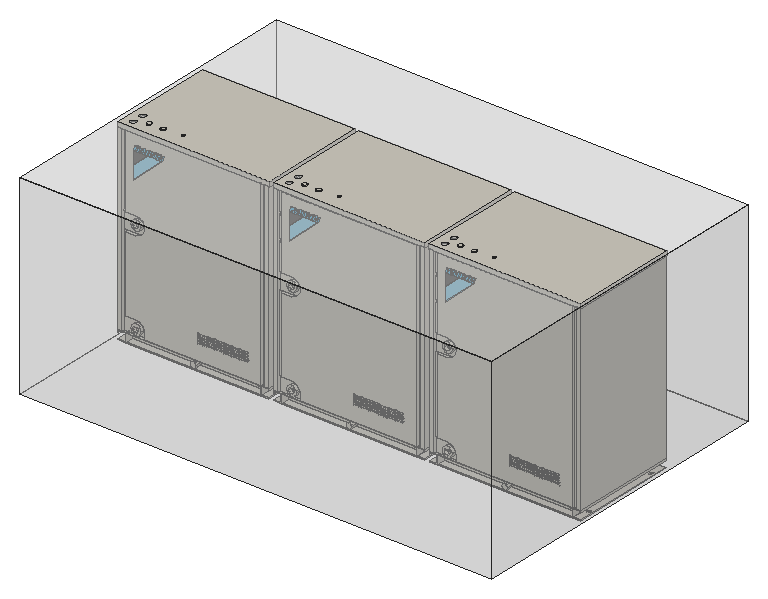
Revit family "outputfile", category 機械設備, Revit 2024
Family settings
  丸型コネクタ寸法 = 半径を使用
  種別 = なし
  パーツ タイプ = 標準
  OmniClass 番号 = 23.75.10.24.21.27.27
  OmniClass タイトル = Split System Air Conditioning Units
  作業面ベース = いいえ
  常に垂直 = はい
  ロード時にボイドで切り取り = いいえ
  注釈の向きを維持 = いいえ
  共有 = いいえ
  部屋計算ポイント = いいえ
Parameters (values of type "RWEYQ36TYM")
  製造元 = "Daikin"
  書き出し IFC クラス(タイプ) = "IfcUnitaryEquipmentType"
  定義済み IFC タイプ(タイプ) = "AIRCONDITIONINGUNIT"
  モデル = "RWEYQ36TYM"
  w_unit3 = 780.0 mm
  w_unit2 = 780.0 mm
  w_unit1 = 780.0 mm
  switch_unit3_6-8 [instance] = if(Reverse_ModuleSequence, if(default_unit1 = 1, 1 = 1, 1 = 0), if(default_unit3 = 1, 1 = 1, 1 = 0))  # no
  switch_unit3_12 [instance] = if(Reverse_ModuleSequence, if(default_unit1 = 3, 1 = 1, 1 = 0), if(default_unit3 = 3, 1 = 1, 1 = 0))  # yes
  switch_unit3_10 [instance] = if(Reverse_ModuleSequence, if(default_unit1 = 2, 1 = 1, 1 = 0), if(default_unit3 = 2, 1 = 1, 1 = 0))  # no
  switch_unit2_6-8 [instance] = if(default_unit2 = 1, 1 = 1, 1 = 0)  # no
  switch_unit2_12 [instance] = if(default_unit2 = 3, 1 = 1, 1 = 0)  # yes
  switch_unit2_10 [instance] = if(default_unit2 = 2, 1 = 1, 1 = 0)  # no
  switch_unit1_6-8 [instance] = if(Reverse_ModuleSequence, if(default_unit3 = 1, 1 = 1, 1 = 0), if(default_unit1 = 1, 1 = 1, 1 = 0))  # no
  switch_unit1_12 [instance] = if(Reverse_ModuleSequence, if(default_unit3 = 3, 1 = 1, 1 = 0), if(default_unit1 = 3, 1 = 1, 1 = 0))  # yes
  switch_unit1_10 [instance] = if(Reverse_ModuleSequence, if(default_unit3 = 2, 1 = 1, 1 = 0), if(default_unit1 = 2, 1 = 1, 1 = 0))  # no
  r_Water Outlet Pipe Connection_unit3 [instance] = Water Outlet Pipe Connection_Unit3 / 2  # 15.9 mm
  r_Water Outlet Pipe Connection_unit2 [instance] = Water Outlet Pipe Connection_Unit2 / 2  # 15.9 mm
  r_Water Outlet Pipe Connection_unit1 [instance] = Water Outlet Pipe Connection_Unit1 / 2  # 15.9 mm
  r_Water Inlet Pipe Connection_unit3 [instance] = Water Inlet Pipe Connection_Unit3 / 2  # 15.9 mm
  r_Water Inlet Pipe Connection_unit2 [instance] = Water Inlet Pipe Connection_Unit2 / 2  # 15.9 mm
  r_Water Inlet Pipe Connection_unit1 [instance] = Water Inlet Pipe Connection_Unit1 / 2  # 15.9 mm
  r_Drain Pipe Size = Drain Pipe Size / 2  # 6.35 mm
  lw_Water Outlet3 = 95.0 mm
  lw_Water Outlet2 = 95.0 mm
  lw_Water Outlet1 = 95.0 mm
  lw_Water Inlet3 = 95.0 mm
  lw_Water Inlet2 = 95.0 mm
  lw_Water Inlet1 = 95.0 mm
  lw_Drain3 = 390.0 mm
  lw_Drain2 = 390.0 mm
  lw_Drain1 = 390.0 mm
  default_Water Outlet Pipe Connection_Unit 3 = 31.8 mm
  default_Water Outlet Pipe Connection_Unit 2 = 31.8 mm
  default_Water Outlet Pipe Connection_Unit 1 = 31.8 mm
  default_Water Inlet Pipe Connection_Unit 3 = 31.8 mm
  default_Water Inlet Pipe Connection_Unit 2 = 31.8 mm
  default_Water Inlet Pipe Connection_Unit 1 = 31.8 mm
  angle_Drain [instance] = if(Rear Connection_Drain, 180.00°, 0.00°)  # 0.00°
  r_Liquid Pipe Size_unit3 [instance] = Liquid Pipe Size_Unit 3 / 2  # 6.35 mm
  r_Liquid Pipe Size_unit2 [instance] = Liquid Pipe Size_Unit 2 / 2  # 6.35 mm
  r_HP/LP Gas Pipe Size_unit3 [instance] = [HP/LP Gas Pipe Size_Unit 3] / 2  # 11.1 mm
  r_HP/LP Gas Pipe Size_unit2 [instance] = [HP/LP Gas Pipe Size_Unit 2] / 2  # 11.1 mm
  r_HP/LP Gas Pipe Size_unit1 [instance] = [HP/LP Gas Pipe Size_Unit 1] / 2  # 11.1 mm
  r_Gas Pipe Size_unit3 [instance] = Gas Pipe Size_Unit 3 / 2  # 11.1 mm
  r_Gas Pipe Size_unit2 [instance] = Gas Pipe Size_Unit 2 / 2  # 11.1 mm
  lw_powersupply3 = 51.0 mm
  lw_powersupply2 = 51.0 mm
  lw_liquidpipe3 = 274.0 mm
  lw_liquidpipe2 = 274.0 mm
  lw_gaspipe3 [instance] = if(Heat Pump, 107.0 mm, 178.0 mm)  # 107.0 mm
  lw_gaspipe2 [instance] = if(Heat Pump, 107.0 mm, 178.0 mm)  # 107.0 mm
  lw_HP/LP Gas Pipe3 [instance] = if(Heat Pump, 178.0 mm, 107.0 mm)  # 178.0 mm
  lw_HP/LP Gas Pipe2 [instance] = if(Heat Pump, 178.0 mm, 107.0 mm)  # 178.0 mm
  lw_HP/LP Gas Pipe1 [instance] = if(Heat Pump, 178.0 mm, 107.0 mm)  # 178.0 mm
  ld_HP/LP Gas Pipe = 69.0 mm
  h_mountinghole = [h_***] + 2.3 mm  # 2.3 mm
  r_Liquid Pipe Size_unit1 [instance] = Liquid Pipe Size_Unit 1 / 2  # 6.35 mm
  r_Gas Pipe Size_unit1 [instance] = Gas Pipe Size_Unit 1 / 2  # 11.1 mm
  distance_unit2-3 [instance] = 20.0 mm
  distance_unit1-2 [instance] = 20.0 mm
  default_unit3 = 3
  default_unit2 = 3
  default_unit1 = 3
  default_Model_Unit 3 = "RWEYQ12TYM"
  default_Model_Unit 2 = "RWEYQ12TYM"
  default_Model_Unit 1 = "RWEYQ12TYM"
  default_Liquid Pipe Size_Unit 3 = 12.7 mm
  default_Liquid Pipe Size_Unit 2 = 12.7 mm
  default_Liquid Pipe Size_Unit 1 = 12.7 mm
  default_HP/LP Gas Pipe Size_Unit 3 [instance] = if(and(Heat Pump, [switch_unit3_6-8]), 19.1 mm, if(and(Heat Pump, switch_unit3_10), 22.2 mm, if(and(Heat Pump, switch_unit3_12), 22.2 mm, if(and(Heat Recovery, [switch_unit3_6-8]), 15.9 mm, if(and(Heat Recovery, switch_unit3_10), 19.1 mm, if(and(Heat Recovery, switch_unit3_12), 19.1 mm, 19.1 mm))))))  # 22.2 mm
  default_HP/LP Gas Pipe Size_Unit 2 [instance] = if(and(Heat Pump, [switch_unit2_6-8]), 19.1 mm, if(and(Heat Pump, switch_unit2_10), 22.2 mm, if(and(Heat Pump, switch_unit2_12), 22.2 mm, if(and(Heat Recovery, [switch_unit2_6-8]), 15.9 mm, if(and(Heat Recovery, switch_unit2_10), 19.1 mm, if(and(Heat Recovery, switch_unit2_12), 19.1 mm, 19.1 mm))))))  # 22.2 mm
  default_HP/LP Gas Pipe Size_Unit 1 [instance] = if(and(Heat Pump, [switch_unit1_6-8]), 19.1 mm, if(and(Heat Pump, switch_unit1_10), 22.2 mm, if(and(Heat Pump, switch_unit1_12), 22.2 mm, if(and(Heat Recovery, [switch_unit1_6-8]), 15.9 mm, if(and(Heat Recovery, switch_unit1_10), 19.1 mm, if(and(Heat Recovery, switch_unit1_12), 19.1 mm, 19.1 mm))))))  # 22.2 mm
  default_Gas Pipe Size_Unit 3 = 22.2 mm
  default_Gas Pipe Size_Unit 2 = 22.2 mm
  default_Gas Pipe Size_Unit 1 = 22.2 mm
  Water Outlet Pipe Connection_Unit3 [instance] = if(Reverse_ModuleSequence, default_Water Outlet Pipe Connection_Unit 1, default_Water Outlet Pipe Connection_Unit 3)  # 31.8 mm
  Water Outlet Pipe Connection_Unit2 [instance] = if(Reverse_ModuleSequence, default_Water Inlet Pipe Connection_Unit 2, default_Water Inlet Pipe Connection_Unit 2)  # 31.8 mm
  Water Outlet Pipe Connection_Unit1 [instance] = if(Reverse_ModuleSequence, default_Water Outlet Pipe Connection_Unit 3, default_Water Outlet Pipe Connection_Unit 1)  # 31.8 mm
  Water Inlet Pipe Connection_Unit3 [instance] = if(Reverse_ModuleSequence, default_Water Inlet Pipe Connection_Unit 1, default_Water Inlet Pipe Connection_Unit 3)  # 31.8 mm
  Water Inlet Pipe Connection_Unit2 [instance] = if(Reverse_ModuleSequence, default_Water Outlet Pipe Connection_Unit 2, default_Water Outlet Pipe Connection_Unit 2)  # 31.8 mm
  Water Inlet Pipe Connection_Unit1 [instance] = if(Reverse_ModuleSequence, default_Water Inlet Pipe Connection_Unit 3, default_Water Inlet Pipe Connection_Unit 1)  # 31.8 mm
  Voltage_comment_60Hz = "380"
  Voltage_comment_50Hz = "380-415"
  Voltage_60Hz = 380 V
  Voltage_50Hz = 400 V
  Top Connection_powersupply2 [instance] = not(Top Connection_powersupply1)  # no
  Sound Power Level (dB) = 77
  Reverse_ModuleSequence [instance] = no
  Rear Connection_Drain [instance] = not(Front Connection_Drain)  # no
  Power Input (Heating) = 23.600 kW
  Phase_60Hz = 3
  Phase_50Hz = 3
  Nominal Heating Capacity = 113.000 kW
  Model_Unit 3 [instance] = if(Reverse_ModuleSequence, default_Model_Unit 1, default_Model_Unit 3)  # "RWEYQ12TYM"
  Model_Unit 2 [instance] = if(Reverse_ModuleSequence, default_Model_Unit 2, default_Model_Unit 2)  # "RWEYQ12TYM"
  Model_Unit 1 [instance] = if(Reverse_ModuleSequence, default_Model_Unit 3, default_Model_Unit 1)  # "RWEYQ12TYM"
  Minimum Circuit Amps_60Hz = 40.9 A
  Minimum Circuit Amps_50Hz = 40.9 A
  Maximum Fuse Amps_60Hz = 45.0 A
  Maximum Fuse Amps_50Hz = 45.0 A
  Material_Heat Exchanger = DAIKIN_Blue_HE_outdoorunit
  Material_Casing = DAIKIN_IvoryWhite_Casing_outdoorunit
  lw_powersupply1 = 51.0 mm
  lw_liquidpipe1 = 274.0 mm
  lw_gaspipe1 [instance] = if(Heat Pump, 107.0 mm, 178.0 mm)  # 107.0 mm
  lh_powersupply = 940.0 mm
  ld_powersupply [instance] = if(Top Connection_powersupply1, 38.0 mm, 98.0 mm)  # 38.0 mm
  ld_liquidpipe = 79.0 mm
  ld_gaspipe = 69.0 mm
  h_*** = 0.0 mm
  Width [instance] = [distance_unit1-2] + [distance_unit2-3] + w_unit1 + w_unit2 + w_unit3  # 2380.0 mm
  Version = "ver.1.0"
  Unit Type = ""
  Unit Mass Weight = 441.00 kg
  Unit Designation [instance] = ""
  Uniclass2015Version = "Products v1.30"
  Uniclass2015Title = "Variable refrigerant flow units"
  Uniclass2015Code = "Pr_70_65_03_94"
  Total Cooling Capacity [instance] = 0.000 kW
  Sound Pressure Level (dBA) = 58
  Series = "VRV Heat Recovery"
  Refrigerant_Base Charge = 12.600 kg
  Refrigerant_Additional Charge [instance] = 0.000 kg
  Refrigerant Type = "R410A"
  Power Input (Cooling) = 22.000 kW
  Option Accessory 3 [instance] = ""
  Option Accessory 2 [instance] = ""
  Option Accessory 1 [instance] = ""
  Nominal Cooling Capacity = 101.000 kW
  Load Classification = HVAC
  Liquid Pipe Size_Unit 3 [instance] = if(Reverse_ModuleSequence, default_Liquid Pipe Size_Unit 1, default_Liquid Pipe Size_Unit 3)  # 12.7 mm
  Liquid Pipe Size_Unit 2 [instance] = if(Reverse_ModuleSequence, default_Liquid Pipe Size_Unit 2, default_Liquid Pipe Size_Unit 2)  # 12.7 mm
  Liquid Pipe Size_Unit 1 [instance] = if(Reverse_ModuleSequence, default_Liquid Pipe Size_Unit 3, default_Liquid Pipe Size_Unit 1)  # 12.7 mm
  Link_Nested Family [instance] = ""
  Intermediate Liquid Pipe Size_Unit1-2 = 19.1 mm
  Intermediate HP/LP Gas Pipe Size_Unit1-2 = 22.2 mm
  Intermediate Gas Pipe Size_Unit1-2 = 28.6 mm
  IfcVersion = ""
  IfcExportType = "AIRCONDITIONINGUNIT"
  IfcExportAs = "IfcUnitaryEquipmentType"
  Height = 1000.0 mm
  Heat Recovery [instance] = not(Heat Pump)  # no
  Heat Pump [instance] = yes
  Heat Exchanger Type = "Stainless Steel Plate"
  HP/LP Gas Pipe Size_Unit 3 [instance] = [default_HP/LP Gas Pipe Size_Unit 3]  # 22.2 mm
  HP/LP Gas Pipe Size_Unit 2 [instance] = [default_HP/LP Gas Pipe Size_Unit 2]  # 22.2 mm
  HP/LP Gas Pipe Size_Unit 1 [instance] = [default_HP/LP Gas Pipe Size_Unit 1]  # 22.2 mm
  Gas Pipe Size_Unit 3 [instance] = if(Reverse_ModuleSequence, default_Gas Pipe Size_Unit 1, default_Gas Pipe Size_Unit 3)  # 22.2 mm
  Gas Pipe Size_Unit 2 [instance] = if(Reverse_ModuleSequence, default_Gas Pipe Size_Unit 2, default_Gas Pipe Size_Unit 2)  # 22.2 mm
  Gas Pipe Size_Unit 1 [instance] = if(Reverse_ModuleSequence, default_Gas Pipe Size_Unit 3, default_Gas Pipe Size_Unit 1)  # 22.2 mm
  Top Connection_powersupply1 [instance] = yes
  Front Connection_Drain [instance] = yes
  Frequency_60Hz = 60 Hz
  Frequency_50Hz = 50 Hz
  Drain Pipe Size = 12.7 mm
  Depth = 550.0 mm
  既定の高さ = 0.0 mm
  Cooling Ambient Wet Bulb Temperature [instance] = 0.00 °C
  Cooling Ambient Dry Bulb Temperature [instance] = 0.00 °C
  Compressor Type = "Hermetically Sealed Scroll Type"
  Clearance visibility [instance] = yes
  Clearance Top = 0.0 mm
  Clearance Right = 20.0 mm
  Clearance Rear = 500.0 mm
  Clearance Left = 20.0 mm
  Clearance Front = 600.0 mm
  Clearance Bottom = 0.0 mm
  CU Tag No. [instance] = ""
Reference planes
  plane 1 "Center (Front/Back)": y = 0
  plane 2 "h_***": z = 0
  plane 3 "Center (Left/Right)": x = 0
  plane 4 "Back": y = 275
  plane 5 "Front": y = -275
  plane 6 "Left": x = -390
  plane 7 "w_unit1": x = 390
  plane 8 "Top": z = 1000
  plane 9 "Clearance Rear": y = 775
  plane 10 "Clearance Front": y = -875
  plane 11 "Clearance Left": x = -410
  plane 12 "Clearance Right": x = 2010
  plane 13 "Clearance Top": z = 1000
  plane 14 "Clearance Bottom": z = 0
  plane 15 "Bottom": z = 0
  plane 16 "lw_powersupply1": x = -339
  plane 17 "ld_powersupply": y = -237
  plane 18 "lw_liquidpipe1": x = -116
  plane 19 "Rear Connection_refrigetant": y = -196
  plane 20 "lw_gaspipe1": x = -283
  plane 21 "ld_gaspipe": y = -206
  plane 22 "lh_logo": z = 900
  plane 23 "lw_logo": x = 100
  plane 24 "lh_powersupply": z = 940
  plane 25 "lw_HP/LP Gas Pipe1": x = -212
  plane 26 "ld_HP/LP Gas Pipe": y = -206
  plane 27 "l_unit2": x = 410
  plane 28 "w_unit2": x = 1190
  plane 29 "lw_powersupply2": x = 461
  plane 30 "lw_liquidpipe2": x = 684
  plane 31 "lw_gaspipe2": x = 517
  plane 32 "lw_HP/LP Gas Pipe2": x = 588
  plane 33 "Right": x = 1990
  plane 34 "叴": x = 1210
  plane 35 "叵": x = 1261
  plane 36 "叶": x = 1484
  plane 37 "号": x = 1317
  plane 38 "司": x = 1388
  plane 39 "lw_Water Inlet1": x = -295
  plane 40 "lw_Water Inlet2": x = 505
  plane 41 "lw_Water Inlet3": x = 1305
  plane 42 "lw_Water Outlet1": x = -295
  plane 43 "lw_Water Outlet2": x = 505
  plane 44 "lw_Water Outlet3": x = 1305
  plane 45 "lw_Drain1": x = 0
  plane 46 "lw_Drain2": x = 800
  plane 47 "lw_Drain3": x = 1600
Dimensions and locks
  equal spacing: plane 4 "Back", plane 1 "Center (Front/Back)", plane 5 "Front"
  "Depth": plane 4 "Back" to plane 5 "Front"
  equal spacing: plane 6 "Left", plane 3 "Center (Left/Right)", plane 7 "w_unit1"
  "w_unit1": plane 6 "Left" to plane 7 "w_unit1"
  "Clearance Rear": plane 9 "Clearance Rear" to plane 4 "Back"
  "Clearance Front": plane 10 "Clearance Front" to plane 5 "Front"
  "Clearance Left": plane 11 "Clearance Left" to plane 6 "Left"
  "Clearance Top": plane 13 "Clearance Top" to plane 8 "Top"
  "h_***": plane 15 "Bottom" to plane 2 "h_***"
  "Height": plane 8 "Top" to plane 15 "Bottom"
  "Clearance Bottom": plane 15 "Bottom" to plane 14 "Clearance Bottom"
  "ld_powersupply": plane 17 "ld_powersupply" to plane 5 "Front"
  "ld_liquidpipe": plane 19 "Rear Connection_refrigetant" to plane 5 "Front"
  "ld_gaspipe": plane 21 "ld_gaspipe" to plane 5 "Front"
  locked: plane 23 "lw_logo" to plane 7 "w_unit1" at 290
  locked: plane 22 "lh_logo" to plane 15 "Bottom" at 900
  "lw_gaspipe1": plane 6 "Left" to plane 20 "lw_gaspipe1"
  "lw_liquidpipe1": plane 6 "Left" to plane 18 "lw_liquidpipe1"
  "lw_powersupply1": plane 6 "Left" to plane 16 "lw_powersupply1"
  "lh_powersupply": plane 24 "lh_powersupply" to plane 15 "Bottom"
  "lw_HP/LP Gas Pipe1": plane 6 "Left" to plane 25 "lw_HP/LP Gas Pipe1"
  "ld_HP/LP Gas Pipe": plane 26 "ld_HP/LP Gas Pipe" to plane 5 "Front"
  "distance_unit1-2": plane 7 "w_unit1" to plane 27 "l_unit2"
  "lw_powersupply2": plane 27 "l_unit2" to plane 29 "lw_powersupply2"
  "lw_HP/LP Gas Pipe2": plane 27 "l_unit2" to plane 32 "lw_HP/LP Gas Pipe2"
  "lw_gaspipe2": plane 27 "l_unit2" to plane 31 "lw_gaspipe2"
  "lw_liquidpipe2": plane 27 "l_unit2" to plane 30 "lw_liquidpipe2"
  "w_unit2": plane 27 "l_unit2" to plane 28 "w_unit2"
  "distance_unit2-3": plane 28 "w_unit2" to plane 34 "叴"
  "Width": plane 6 "Left" to plane 33 "Right"
  "Clearance Right": plane 33 "Right" to plane 12 "Clearance Right"
  "lw_powersupply3": plane 34 "叴" to plane 35 "叵"
  "lw_HP/LP Gas Pipe3": plane 34 "叴" to plane 38 "司"
  "lw_gaspipe3": plane 34 "叴" to plane 37 "号"
  "lw_liquidpipe3": plane 34 "叴" to plane 36 "叶"
  "lw_Water Inlet1": plane 6 "Left" to plane 39 "lw_Water Inlet1"
  "lw_Water Inlet2": plane 27 "l_unit2" to plane 40 "lw_Water Inlet2"
  "lw_Water Inlet3": plane 34 "叴" to plane 41 "lw_Water Inlet3"
  "lw_Water Outlet1": plane 6 "Left" to plane 42 "lw_Water Outlet1"
  "lw_Water Outlet2": plane 27 "l_unit2" to plane 43 "lw_Water Outlet2"
  "lw_Water Outlet3": plane 34 "叴" to plane 44 "lw_Water Outlet3"
  "lw_Drain1": plane 6 "Left" to plane 45 "lw_Drain1"
  "lw_Drain2": plane 27 "l_unit2" to plane 46 "lw_Drain2"
  "lw_Drain3": plane 34 "叴" to plane 47 "lw_Drain3"
  aligned and locked: level to plane 2 "h_***"
  aligned and locked: nested 2 to plane 9 "Clearance Rear"
  aligned and locked: nested 2 to plane 10 "Clearance Front"
  aligned and locked: plane 11 "Clearance Left" to nested 2
  aligned and locked: plane 12 "Clearance Right" to nested 2
  aligned and locked: nested 2 to plane 13 "Clearance Top"
  aligned and locked: nested 2 to plane 14 "Clearance Bottom"
  aligned and locked: plane 8 "Top" to nested 1
  aligned and locked: plane 22 "lh_logo" to nested 7
  aligned and locked: nested 8 to plane 16 "lw_powersupply1"
  aligned and locked: nested 9 to plane 20 "lw_gaspipe1"
  aligned and locked: nested 10 to plane 18 "lw_liquidpipe1"
  aligned and locked: nested 10 to plane 19 "Rear Connection_refrigetant"
  aligned and locked: nested 9 to plane 21 "ld_gaspipe"
  aligned and locked: nested 8 to plane 17 "ld_powersupply"
  aligned and locked: plane 5 "Front" to nested 7
  aligned and locked: plane 24 "lh_powersupply" to nested 8
  aligned and locked: plane 27 "l_unit2" to nested 11
  aligned and locked: nested 17 to plane 29 "lw_powersupply2"
  aligned and locked: nested 17 to plane 17 "ld_powersupply"
  aligned and locked: nested 18 to plane 31 "lw_gaspipe2"
  aligned and locked: nested 18 to plane 26 "ld_HP/LP Gas Pipe"
  aligned and locked: plane 1 "Center (Front/Back)" to nested 20
  aligned and locked: plane 34 "叴" to nested 20
  aligned and locked: nested 27 to plane 35 "叵"
  aligned and locked: nested 28 to plane 37 "号"
  aligned and locked: nested 26 to plane 36 "叶"
  aligned and locked: plane 17 "ld_powersupply" to nested 27
  aligned and locked: plane 21 "ld_gaspipe" to nested 28
  aligned and locked: plane 19 "Rear Connection_refrigetant" to nested 26
  aligned and locked: nested 27 to plane 24 "lh_powersupply"
  aligned and locked: plane 1 "Center (Front/Back)" to nested 29
  aligned and locked: plane 1 "Center (Front/Back)" to nested 30
  aligned and locked: plane 1 "Center (Front/Back)" to nested 31
  aligned and locked: plane 1 "Center (Front/Back)" to nested 32
  aligned and locked: plane 1 "Center (Front/Back)" to nested 33
  aligned and locked: plane 1 "Center (Front/Back)" to nested 34
  aligned and locked: plane 1 "Center (Front/Back)" to nested 35
  aligned and locked: plane 1 "Center (Front/Back)" to nested 36
  aligned and locked: plane 1 "Center (Front/Back)" to nested 37
  aligned and locked: plane 39 "lw_Water Inlet1" to nested 29
  aligned and locked: plane 40 "lw_Water Inlet2" to nested 30
  aligned and locked: plane 41 "lw_Water Inlet3" to nested 31
  aligned and locked: plane 42 "lw_Water Outlet1" to nested 32
  aligned and locked: plane 43 "lw_Water Outlet2" to nested 33
  aligned and locked: plane 44 "lw_Water Outlet3" to nested 34
  aligned and locked: plane 45 "lw_Drain1" to nested 35
  aligned and locked: plane 46 "lw_Drain2" to nested 36
  aligned and locked: plane 47 "lw_Drain3" to nested 37
  aligned and locked: plane 25 "lw_HP/LP Gas Pipe1" to nested 38
  aligned and locked: plane 32 "lw_HP/LP Gas Pipe2" to nested 39
  aligned and locked: plane 38 "司" to nested 40
  aligned and locked: nested 38 to plane 26 "ld_HP/LP Gas Pipe"
  aligned and locked: nested 39 to plane 26 "ld_HP/LP Gas Pipe"
  aligned and locked: plane 26 "ld_HP/LP Gas Pipe" to nested 40
Nested families
  nested 1: "DAIKIN_outdoorunit_RWEYQ-TYM" at (-31, 0, 0), h_*** <- "h_***", Link_Nest <- "Link_Nested Family", h_mountinghole <- "h_mountinghole", Width <- "w_unit1", switch_unit1_6-8 <- "switch_unit1_6-8", switch_unit1_10 <- "switch_unit1_10", switch_unit1_12 <- "switch_unit1_12", type "RWEYQ-TYM"
    with switch_unit1_6-8 no, switch_unit1_12 yes, switch_unit1_10 no, show_fixedhole yes, h_mountinghole 2.3 mm, h_antenna_mountinghole 998.7 mm, h_*** 0.0 mm, array_bolt 5, Width 780.0 mm, Liquid Pipe Size_Unit 1 12.7 mm, Link_Nest "", HP/LP Pipe Size_Unit 1 22.2 mm, Gas Pipe Size_Unit 1 22.2 mm, Heat Recovery no, Heat Pump yes, HP/LP Pipe Size_Unit 1_L 178.0 mm, Gas Pipe Size_Unit 1_L 107.0 mm
  nested 2: "daikin_clearancespace" at (800, -50, 500.119), visible <- "Clearance visibility", show <- "Clearance visibility", Link_Nested Family <- "Link_Nested Family", type "daikin_clearancespace"
    with width 2420.0 mm, show yes, height 1000.0 mm, depth 1650.0 mm, Link_Nested Family ""
  nested 3: "daikin_mountinghole" at (-372, 200, 0), type "daikin_mountinghole"
    with show yes, l_antenna 998.7 mm, h_mountinghole 2.3 mm, Link_Nested Family ""
  nested 4: "daikin_mountinghole" at (372, 200, 0), type "daikin_mountinghole"
    with show yes, l_antenna 998.7 mm, h_mountinghole 2.3 mm, Link_Nested Family ""
  nested 5: "daikin_mountinghole" at (-372, -200, 0), type "daikin_mountinghole"
    with show yes, l_antenna 998.7 mm, h_mountinghole 2.3 mm, Link_Nested Family ""
  nested 6: "daikin_mountinghole" at (372, -200, 0), type "daikin_mountinghole"
    with show yes, l_antenna 998.7 mm, h_mountinghole 2.3 mm, Link_Nested Family ""
  nested 7: "daikin_logo_elevation_w150" at (-212.5, -275, 744.568), type "daikin_logo_elevation_w150"
    with show_logo yes
  nested 8: "daikin_connector_rotate3" at (-339, -237, 940) x (-1, 0, 0) z (0, 0, -1), type "daikin_connector_rotate3"
    with show no, radius 10.0 mm, length 60.0 mm, angle_vertical 0.00°, angle_horizontal 0.00°
  nested 9: "daikin_connector_rotate3" at (-283, -206, 940) x (-1, 0, 0) z (0, 0, -1), radius <- "r_Gas Pipe Size_unit1", type "daikin_connector_rotate3"
    with show no, radius 11.1 mm, length 60.0 mm, angle_vertical 0.00°, angle_horizontal 0.00°
  nested 10: "daikin_connector_rotate3" at (-116, -196, 940) x (-1, 0, 0) z (0, 0, -1), radius <- "r_Liquid Pipe Size_unit1", type "daikin_connector_rotate3"
    with show no, radius 6.35 mm, length 60.0 mm, angle_vertical 0.00°, angle_horizontal 0.00°
  nested 11: "DAIKIN_outdoorunit_RWEYQ-TYM" at (769, 0, 0), Width <- "w_unit2", switch_unit1_6-8 <- "switch_unit2_6-8", switch_unit1_10 <- "switch_unit2_10", switch_unit1_12 <- "switch_unit2_12", type "RWEYQ-TYM"
    with switch_unit1_6-8 no, switch_unit1_12 yes, switch_unit1_10 no, show_fixedhole yes, h_mountinghole 2.3 mm, h_antenna_mountinghole 998.7 mm, h_*** 0.0 mm, array_bolt 5, Width 780.0 mm, Liquid Pipe Size_Unit 1 12.7 mm, Link_Nest "", HP/LP Pipe Size_Unit 1 22.2 mm, Gas Pipe Size_Unit 1 22.2 mm, Heat Recovery no, Heat Pump yes, HP/LP Pipe Size_Unit 1_L 178.0 mm, Gas Pipe Size_Unit 1_L 107.0 mm
  nested 12: "daikin_mountinghole" at (428, 200, 0), type "daikin_mountinghole"
    with show yes, l_antenna 998.7 mm, h_mountinghole 2.3 mm, Link_Nested Family ""
  nested 13: "daikin_mountinghole" at (1172, 200, 0), type "daikin_mountinghole"
    with show yes, l_antenna 998.7 mm, h_mountinghole 2.3 mm, Link_Nested Family ""
  nested 14: "daikin_mountinghole" at (428, -200, 0), type "daikin_mountinghole"
    with show yes, l_antenna 998.7 mm, h_mountinghole 2.3 mm, Link_Nested Family ""
  nested 15: "daikin_mountinghole" at (1172, -200, 0), type "daikin_mountinghole"
    with show yes, l_antenna 998.7 mm, h_mountinghole 2.3 mm, Link_Nested Family ""
  nested 16: "daikin_connector_rotate3" at (684, -196, 940) x (-1, 0, 0) z (0, 0, -1), radius <- "r_Liquid Pipe Size_unit2", type "daikin_connector_rotate3"
    with show no, radius 6.35 mm, length 60.0 mm, angle_vertical 0.00°, angle_horizontal 0.00°
  nested 17: "daikin_connector_rotate3" at (461, -237, 940) x (-1, 0, 0) z (0, 0, -1), type "daikin_connector_rotate3"
    with show no, radius 10.0 mm, length 60.0 mm, angle_vertical 0.00°, angle_horizontal 0.00°
  nested 18: "daikin_connector_rotate3" at (517, -206, 940) x (-1, 0, 0) z (0, 0, -1), radius <- "r_Gas Pipe Size_unit2", type "daikin_connector_rotate3"
    with show no, radius 11.1 mm, length 60.0 mm, angle_vertical 0.00°, angle_horizontal 0.00°
  nested 19: "daikin_logo_elevation_w150" at (587.5, -275, 744.568), type "daikin_logo_elevation_w150"
    with show_logo yes
  nested 20: "DAIKIN_outdoorunit_RWEYQ-TYM" at (1569, 0, 0), switch_unit1_6-8 <- "switch_unit3_6-8", switch_unit1_10 <- "switch_unit3_10", switch_unit1_12 <- "switch_unit3_12", Width <- "w_unit3", type "RWEYQ-TYM"
    with switch_unit1_6-8 no, switch_unit1_12 yes, switch_unit1_10 no, show_fixedhole yes, h_mountinghole 2.3 mm, h_antenna_mountinghole 998.7 mm, h_*** 0.0 mm, array_bolt 5, Width 780.0 mm, Liquid Pipe Size_Unit 1 12.7 mm, Link_Nest "", HP/LP Pipe Size_Unit 1 22.2 mm, Gas Pipe Size_Unit 1 22.2 mm, Heat Recovery no, Heat Pump yes, HP/LP Pipe Size_Unit 1_L 178.0 mm, Gas Pipe Size_Unit 1_L 107.0 mm
  nested 21: "daikin_mountinghole" at (1228, 200, 0), type "daikin_mountinghole"
    with show yes, l_antenna 998.7 mm, h_mountinghole 2.3 mm, Link_Nested Family ""
  nested 22: "daikin_mountinghole" at (1972, 200, 0), type "daikin_mountinghole"
    with show yes, l_antenna 998.7 mm, h_mountinghole 2.3 mm, Link_Nested Family ""
  nested 23: "daikin_mountinghole" at (1228, -200, 0), type "daikin_mountinghole"
    with show yes, l_antenna 998.7 mm, h_mountinghole 2.3 mm, Link_Nested Family ""
  nested 24: "daikin_mountinghole" at (1972, -200, 0), type "daikin_mountinghole"
    with show yes, l_antenna 998.7 mm, h_mountinghole 2.3 mm, Link_Nested Family ""
  nested 25: "daikin_logo_elevation_w150" at (1387.5, -275, 744.568), type "daikin_logo_elevation_w150"
    with show_logo yes
  nested 26: "daikin_connector_rotate3" at (1484, -196, 940) x (-1, 0, 0) z (0, 0, -1), radius <- "r_Liquid Pipe Size_unit3", type "daikin_connector_rotate3"
    with show no, radius 6.35 mm, length 60.0 mm, angle_vertical 0.00°, angle_horizontal 0.00°
  nested 27: "daikin_connector_rotate3" at (1261, -237, 940) x (-1, 0, 0) z (0, 0, -1), type "daikin_connector_rotate3"
    with show no, radius 10.0 mm, length 60.0 mm, angle_vertical 0.00°, angle_horizontal 0.00°
  nested 28: "daikin_connector_rotate3" at (1317, -206, 940) x (-1, 0, 0) z (0, 0, -1), radius <- "r_Gas Pipe Size_unit3", type "daikin_connector_rotate3"
    with show no, radius 11.1 mm, length 60.0 mm, angle_vertical 0.00°, angle_horizontal 0.00°
  nested 29: "daikin_connector_rotate3" at (-295, 0, 76), radius <- "r_Water Inlet Pipe Connection_unit1", type "daikin_connector_rotate3"
    with show no, radius 15.9 mm, length 275.0 mm, angle_vertical 90.00°, angle_horizontal 0.00°
  nested 30: "daikin_connector_rotate3" at (505, 0, 76), radius <- "r_Water Inlet Pipe Connection_unit2", type "daikin_connector_rotate3"
    with show no, radius 15.9 mm, length 275.0 mm, angle_vertical 90.00°, angle_horizontal 0.00°
  nested 31: "daikin_connector_rotate3" at (1305, 0, 76), radius <- "r_Water Inlet Pipe Connection_unit3", type "daikin_connector_rotate3"
    with show no, radius 15.9 mm, length 275.0 mm, angle_vertical 90.00°, angle_horizontal 0.00°
  nested 32: "daikin_connector_rotate3" at (-295, 0, 556), radius <- "r_Water Outlet Pipe Connection_unit1", type "daikin_connector_rotate3"
    with show no, radius 15.9 mm, length 275.0 mm, angle_vertical 90.00°, angle_horizontal 0.00°
  nested 33: "daikin_connector_rotate3" at (505, 0, 556), radius <- "r_Water Outlet Pipe Connection_unit2", type "daikin_connector_rotate3"
    with show no, radius 15.9 mm, length 275.0 mm, angle_vertical 90.00°, angle_horizontal 0.00°
  nested 34: "daikin_connector_rotate3" at (1305, 0, 556), radius <- "r_Water Outlet Pipe Connection_unit3", type "daikin_connector_rotate3"
    with show no, radius 15.9 mm, length 275.0 mm, angle_vertical 90.00°, angle_horizontal 0.00°
  nested 35: "daikin_connector_rotate3" at (0, 0, 19), angle_horizontal <- "angle_Drain", radius <- "r_Drain Pipe Size", type "daikin_connector_rotate3"
    with show no, radius 6.35 mm, length 275.0 mm, angle_vertical 90.00°, angle_horizontal 0.00°
  nested 36: "daikin_connector_rotate3" at (800, 0, 19), angle_horizontal <- "angle_Drain", radius <- "r_Drain Pipe Size", type "daikin_connector_rotate3"
    with show no, radius 6.35 mm, length 275.0 mm, angle_vertical 90.00°, angle_horizontal 0.00°
  nested 37: "daikin_connector_rotate3" at (1600, 0, 19), angle_horizontal <- "angle_Drain", radius <- "r_Drain Pipe Size", type "daikin_connector_rotate3"
    with show no, radius 6.35 mm, length 275.0 mm, angle_vertical 90.00°, angle_horizontal 0.00°
  nested 38: "daikin_connector_rotate3" at (-212, -206, 940) x (1, 0, 0) z (0, 0, -1), radius <- "r_HP/LP Gas Pipe Size_unit1", type "daikin_connector_rotate3"
    with show no, radius 11.1 mm, length 60.0 mm, angle_vertical 0.00°, angle_horizontal 0.00°
  nested 39: "daikin_connector_rotate3" at (588, -206, 940) x (1, 0, 0) z (0, 0, -1), radius <- "r_HP/LP Gas Pipe Size_unit2", type "daikin_connector_rotate3"
    with show no, radius 11.1 mm, length 60.0 mm, angle_vertical 0.00°, angle_horizontal 0.00°
  nested 40: "daikin_connector_rotate3" at (1388, -206, 940) x (1, 0, 0) z (0, 0, -1), radius <- "r_HP/LP Gas Pipe Size_unit3", type "daikin_connector_rotate3"
    with show no, radius 11.1 mm, length 60.0 mm, angle_vertical 0.00°, angle_horizontal 0.00°
Connectors
  piping at (-116, -196, 1000), diameter 12.7, driven by "r_Liquid Pipe Size_unit1"
    settings: on nested 10, index 12, connector inside diameter 609.6 mm, connector length 0.0 mm, flow factor 0, pipe flow 0.00 m³/h, pressure drop 0.0 Pa, fitting loss kfactor 0, connector angle 0.00°, fixture units 0, engagement length 0.0 mm, angle of deflection 0.00°, flow configuration 0, flow direction 2, fitting loss method 0, system type 29, joint type 0, gender type 0, connector reference index -1, connector utility 0, adjustable connector no, is connector primary no, connector description "Refrigerant Liquid Piping1"
  electrical at (-339, -237, 1000), driven by "Load Classification"
    settings: on nested 8, index 13, voltage 0 V, apparent load 0 VA, apparent load phase1 0 VA, apparent load phase2 0 VA, apparent load phase3 0 VA, power factor 1, load classification "HVAC", number of poles 1, system type 30, power factor state 1, is connector primary yes, connector utility no, sub classification motor no, connector description "Power Supply1"
  piping at (684, -196, 1000), diameter 12.7, driven by "r_Liquid Pipe Size_unit2"
    settings: on nested 16, index 15, connector inside diameter 609.6 mm, connector length 0.0 mm, flow factor 0, pipe flow 0.00 m³/h, pressure drop 0.0 Pa, fitting loss kfactor 0, connector angle 0.00°, fixture units 0, engagement length 0.0 mm, angle of deflection 0.00°, flow configuration 0, flow direction 2, fitting loss method 0, system type 29, joint type 0, gender type 0, connector reference index -1, connector utility 0, adjustable connector no, is connector primary no, connector description "Refrigerant Liquid Piping2"
  electrical at (461, -237, 1000), driven by "Load Classification"
    settings: on nested 17, index 17, voltage 0 V, apparent load 0 VA, apparent load phase1 0 VA, apparent load phase2 0 VA, apparent load phase3 0 VA, power factor 1, load classification "HVAC", number of poles 1, system type 30, power factor state 1, is connector primary no, connector utility no, sub classification motor no, connector description "Power Supply2"
  piping at (1484, -196, 1000), diameter 12.7, driven by "r_Liquid Pipe Size_unit3"
    settings: on nested 26, index 19, connector inside diameter 609.6 mm, connector length 0.0 mm, flow factor 0, pipe flow 0.00 m³/h, pressure drop 0.0 Pa, fitting loss kfactor 0, connector angle 0.00°, fixture units 0, engagement length 0.0 mm, angle of deflection 0.00°, flow configuration 0, flow direction 2, fitting loss method 0, system type 29, joint type 0, gender type 0, connector reference index -1, connector utility 0, adjustable connector no, is connector primary no, connector description "Refrigerant Liquid Piping3"
  electrical at (1261, -237, 1000), driven by "Load Classification"
    settings: on nested 27, index 21, voltage 0 V, apparent load 0 VA, apparent load phase1 0 VA, apparent load phase2 0 VA, apparent load phase3 0 VA, power factor 1, load classification "HVAC", number of poles 1, system type 30, power factor state 1, is connector primary no, connector utility no, sub classification motor no, connector description "Power Supply3"
  piping at (-295, -275, 556), diameter 31.8, driven by "r_Water Outlet Pipe Connection_unit1"
    settings: on nested 32, index 24, connector inside diameter 609.6 mm, connector length 0.0 mm, flow factor 0, pipe flow 0.00 m³/h, pressure drop 0.0 Pa, fitting loss kfactor 0, connector angle 0.00°, fixture units 0, engagement length 0.0 mm, angle of deflection 0.00°, flow configuration 1, flow direction 2, fitting loss method 0, system type 8, joint type 0, gender type 0, connector reference index -1, connector utility 0, adjustable connector no, is connector primary no, connector description "Cooling Water Outlet Piping 1"
  piping at (-295, -275, 76), diameter 31.8, driven by "r_Water Inlet Pipe Connection_unit1"
    settings: on nested 29, index 25, connector inside diameter 609.6 mm, connector length 0.0 mm, flow factor 0, pipe flow 0.00 m³/h, pressure drop 0.0 Pa, fitting loss kfactor 0, connector angle 0.00°, fixture units 0, engagement length 0.0 mm, angle of deflection 0.00°, flow configuration 1, flow direction 1, fitting loss method 0, system type 7, joint type 0, gender type 0, connector reference index -1, connector utility 0, adjustable connector no, is connector primary no, connector description "Cooling Water Inlet  Piping 1"
  piping at (0, -275, 19), diameter 12.7, driven by "r_Drain Pipe Size"
    settings: on nested 35, index 26, connector inside diameter 609.6 mm, connector length 0.0 mm, flow factor 0, pipe flow 0.00 m³/h, pressure drop 0.0 Pa, fitting loss kfactor 0, connector angle 0.00°, fixture units 0, engagement length 0.0 mm, angle of deflection 0.00°, flow configuration 1, flow direction 2, fitting loss method 4, system type 16, joint type 0, gender type 0, connector reference index -1, connector utility 0, adjustable connector no, is connector primary no, connector description "Condensate Drain Piping 1"
  piping at (505, -275, 556), diameter 31.8, driven by "r_Water Outlet Pipe Connection_unit2"
    settings: on nested 33, index 27, connector inside diameter 609.6 mm, connector length 0.0 mm, flow factor 0, pipe flow 0.00 m³/h, pressure drop 0.0 Pa, fitting loss kfactor 0, connector angle 0.00°, fixture units 0, engagement length 0.0 mm, angle of deflection 0.00°, flow configuration 1, flow direction 2, fitting loss method 0, system type 8, joint type 0, gender type 0, connector reference index -1, connector utility 0, adjustable connector no, is connector primary no, connector description "Cooling Water Outlet Piping 2"
  piping at (505, -275, 76), diameter 31.8, driven by "r_Water Inlet Pipe Connection_unit2"
    settings: on nested 30, index 28, connector inside diameter 609.6 mm, connector length 0.0 mm, flow factor 0, pipe flow 0.00 m³/h, pressure drop 0.0 Pa, fitting loss kfactor 0, connector angle 0.00°, fixture units 0, engagement length 0.0 mm, angle of deflection 0.00°, flow configuration 1, flow direction 1, fitting loss method 0, system type 7, joint type 0, gender type 0, connector reference index -1, connector utility 0, adjustable connector no, is connector primary no, connector description "Cooling Water Inlet  Piping 2"
  piping at (800, -275, 19), diameter 12.7, driven by "r_Drain Pipe Size"
    settings: on nested 36, index 29, connector inside diameter 609.6 mm, connector length 0.0 mm, flow factor 0, pipe flow 0.00 m³/h, pressure drop 0.0 Pa, fitting loss kfactor 0, connector angle 0.00°, fixture units 0, engagement length 0.0 mm, angle of deflection 0.00°, flow configuration 1, flow direction 2, fitting loss method 4, system type 16, joint type 0, gender type 0, connector reference index -1, connector utility 0, adjustable connector no, is connector primary no, connector description "Condensate Drain Piping 2"
  piping at (1305, -275, 76), diameter 31.8, driven by "r_Water Inlet Pipe Connection_unit3"
    settings: on nested 31, index 30, connector inside diameter 609.6 mm, connector length 0.0 mm, flow factor 0, pipe flow 0.00 m³/h, pressure drop 0.0 Pa, fitting loss kfactor 0, connector angle 0.00°, fixture units 0, engagement length 0.0 mm, angle of deflection 0.00°, flow configuration 1, flow direction 1, fitting loss method 0, system type 7, joint type 0, gender type 0, connector reference index -1, connector utility 0, adjustable connector no, is connector primary no, connector description "Cooling Water Inlet  Piping 3"
  piping at (1305, -275, 556), diameter 31.8, driven by "r_Water Outlet Pipe Connection_unit3"
    settings: on nested 34, index 31, connector inside diameter 609.6 mm, connector length 0.0 mm, flow factor 0, pipe flow 0.00 m³/h, pressure drop 0.0 Pa, fitting loss kfactor 0, connector angle 0.00°, fixture units 0, engagement length 0.0 mm, angle of deflection 0.00°, flow configuration 1, flow direction 2, fitting loss method 0, system type 8, joint type 0, gender type 0, connector reference index -1, connector utility 0, adjustable connector no, is connector primary no, connector description "Cooling Water Outlet Piping 3"
  piping at (1600, -275, 19), diameter 12.7, driven by "r_Drain Pipe Size"
    settings: on nested 37, index 32, connector inside diameter 609.6 mm, connector length 0.0 mm, flow factor 0, pipe flow 0.00 m³/h, pressure drop 0.0 Pa, fitting loss kfactor 0, connector angle 0.00°, fixture units 0, engagement length 0.0 mm, angle of deflection 0.00°, flow configuration 1, flow direction 2, fitting loss method 4, system type 16, joint type 0, gender type 0, connector reference index -1, connector utility 0, adjustable connector no, is connector primary no, connector description "Condensate Drain Piping 3"
  piping at (-212, -206, 1000), diameter 22.2, driven by "r_HP/LP Gas Pipe Size_unit1"
    settings: on nested 38, index 36, connector inside diameter 609.6 mm, connector length 0.0 mm, flow factor 0, pipe flow 0.00 m³/h, pressure drop 0.0 Pa, fitting loss kfactor 0, connector angle 0.00°, fixture units 0, engagement length 0.0 mm, angle of deflection 0.00°, flow configuration 0, flow direction 0, fitting loss method 0, system type 29, joint type 0, gender type 0, connector reference index -1, connector utility 0, adjustable connector no, is connector primary no, connector description "Refrigerant HP/LP Gas Piping1"
  piping at (588, -206, 1000), diameter 22.2, driven by "r_HP/LP Gas Pipe Size_unit2"
    settings: on nested 39, index 37, connector inside diameter 609.6 mm, connector length 0.0 mm, flow factor 0, pipe flow 0.00 m³/h, pressure drop 0.0 Pa, fitting loss kfactor 0, connector angle 0.00°, fixture units 0, engagement length 0.0 mm, angle of deflection 0.00°, flow configuration 0, flow direction 0, fitting loss method 0, system type 29, joint type 0, gender type 0, connector reference index -1, connector utility 0, adjustable connector no, is connector primary no, connector description "Refrigerant HP/LP Gas Piping2"
  piping at (1388, -206, 1000), diameter 22.2, driven by "r_HP/LP Gas Pipe Size_unit3"
    settings: on nested 40, index 38, connector inside diameter 609.6 mm, connector length 0.0 mm, flow factor 0, pipe flow 0.00 m³/h, pressure drop 0.0 Pa, fitting loss kfactor 0, connector angle 0.00°, fixture units 0, engagement length 0.0 mm, angle of deflection 0.00°, flow configuration 0, flow direction 0, fitting loss method 0, system type 29, joint type 0, gender type 0, connector reference index -1, connector utility 0, adjustable connector no, is connector primary no, connector description "Refrigerant HP/LP Gas Piping3"
  piping at (-283, -206, 1000), diameter 22.2, driven by "r_Gas Pipe Size_unit1"
    settings: on nested 9, index 39, connector inside diameter 609.6 mm, connector length 0.0 mm, flow factor 0, pipe flow 0.00 m³/h, pressure drop 0.0 Pa, fitting loss kfactor 0, connector angle 0.00°, fixture units 0, engagement length 0.0 mm, angle of deflection 0.00°, flow configuration 0, flow direction 1, fitting loss method 0, system type 29, joint type 0, gender type 0, connector reference index -1, connector utility 0, adjustable connector no, is connector primary yes, connector description "Refrigerant Gas Piping1"
  piping at (517, -206, 1000), diameter 22.2, driven by "r_Gas Pipe Size_unit2"
    settings: on nested 18, index 40, connector inside diameter 609.6 mm, connector length 0.0 mm, flow factor 0, pipe flow 0.00 m³/h, pressure drop 0.0 Pa, fitting loss kfactor 0, connector angle 0.00°, fixture units 0, engagement length 0.0 mm, angle of deflection 0.00°, flow configuration 0, flow direction 1, fitting loss method 0, system type 29, joint type 0, gender type 0, connector reference index -1, connector utility 0, adjustable connector no, is connector primary no, connector description "Refrigerant Gas Piping2"
  piping at (1317, -206, 1000), diameter 22.2, driven by "r_Gas Pipe Size_unit3"
    settings: on nested 28, index 41, connector inside diameter 609.6 mm, connector length 0.0 mm, flow factor 0, pipe flow 0.00 m³/h, pressure drop 0.0 Pa, fitting loss kfactor 0, connector angle 0.00°, fixture units 0, engagement length 0.0 mm, angle of deflection 0.00°, flow configuration 0, flow direction 1, fitting loss method 0, system type 29, joint type 0, gender type 0, connector reference index -1, connector utility 0, adjustable connector no, is connector primary no, connector description "Refrigerant Gas Piping3"
Definition of nested family "DAIKIN_outdoorunit_RWEYQ-TYM"
  Parameters (values of type "RWEYQ-TYM")
    w_wiremesh_right = 668.0 mm  # constant formula
    w_wiremesh_left = 590.0 mm  # constant formula
    w_wiremesh_front = 248.0 mm  # constant formula
    switch_unit1_6-8 [instance] = no
    switch_unit1_12 [instance] = yes
    switch_unit1_10 [instance] = no
    show_fixedhole [instance] = yes
    material_heatexchanger = none
    material_casing = none
    ld_hole1_bottom = 154.0 mm  # constant formula
    h_wiremesh = 900.0 mm  # constant formula
    h_mountinghole [instance] = 2.3 mm
    h_antenna_mountinghole [instance] = Height + 1.0 mm - 2.3 mm  # 998.7 mm
    h_*** [instance] = 0.0 mm
    array_bolt [instance] = 5
    Width [instance] = 780.0 mm
    Liquid Pipe Size_Unit 1 [instance] = if([switch_unit1_6-8], 9.5 mm, if(switch_unit1_10, 9.5 mm, if(switch_unit1_12, 12.7 mm, 9.5 mm)))  # 12.7 mm
    Link_Nest [instance] = ""
    Height = 1000.0 mm
    Heat Recovery = not(Heat Pump)  # yes
    Heat Pump = no
    HP/LP Pipe Size_Unit 1_L = if(Heat Pump, 178.0 mm, 107.0 mm)  # 107.0 mm
    HP/LP Pipe Size_Unit 1 [instance] = if(Heat Recovery, if([switch_unit1_6-8], 15.9 mm, if(switch_unit1_10, 19.1 mm, if(switch_unit1_12, 19.1 mm, 15.9 mm))), if([switch_unit1_6-8], 19.1 mm, if(switch_unit1_10, 22.2 mm, if(switch_unit1_12, 22.2 mm, 19.1 mm))))  # 19.1 mm
    Gas Pipe Size_Unit 1_L = if(Heat Pump, 107.0 mm, 178.0 mm)  # 178.0 mm
    Gas Pipe Size_Unit 1_H = 60.0 mm  # constant formula
    Gas Pipe Size_Unit 1 [instance] = if([switch_unit1_6-8], 19.1 mm, if(switch_unit1_10, 22.2 mm, if(switch_unit1_12, 22.2 mm, 19.1 mm)))  # 22.2 mm
    Depth = 550.0 mm
    Default Elevation = 0.0 mm
  Reference planes
    plane 1 "Center (Front/Back)": y = 0
    plane 2 "reference_level": z = 0
    plane 3 "Center (Left/Right)": x = 31
    plane 4 "Bottom": z = 0
    plane 5: x = 421
    plane 6: x = -359
    plane 7 "Back": y = 275
    plane 8 "Front": y = -275
    plane 9: z = 1000
    plane 10: z = 976
    plane 11: y = -255
    plane 12: y = 255
    plane 13: x = -337
    plane 14: x = 399
    plane 15: x = -341
    plane 16: z = 45
    plane 17: x = 403
    plane 18: y = 200
    plane 19: y = -200
    plane 20: z = 1060
    plane 21: z = 19
    plane 22: z = 1000
    plane 23: z = 940
  Forms (mm)
    Extrusion 1, solid, material <- "material_heatexchanger"
      sketch origin (0, 0, 0) x (1, 0, 0) y (0, 1, 0)
        loop
          line (-337, 255) -> (-337, -255) -> (399, -255) -> (399, 255) -> (-337, 255)
      from 54 to 976
    Extrusion 2, void
      sketch origin (0, 350, 0) x (1, 0, 0) y (0, 1, 0)
        loop
          circle (-341, -150) r 8.5
        loop
          circle (403, -150) r 8.5
        loop
          circle (403, -550) r 8.5
        loop
          circle (-341, -550) r 8.5
      from 0 to 29.064
    Extrusion 3, solid, material <- "material_casing"
      sketch origin (620, -305, 0) x (-1, 0, 0) y (0, 0, 1)
        loop
          line (204.3, 35.061) -> (204.3, 42.7) -> (239.7, 42.7) -> (239.7, 2.3) -> (201, 2.3) -> (201, 0) -> (242, 0) -> (242, 45) -> (201, 45) -> (201, 35.061) -> (204.3, 35.061)
        loop
          line (973.7, 35.061) -> (977, 35.061) -> (977, 45) -> (936, 45) -> (936, 0) -> (977, 0) -> (977, 2.3) -> (938.3, 2.3) -> (938.3, 42.7) -> (973.7, 42.7) -> (973.7, 35.061)
      from 30 to 580
    Extrusion 4, solid, material <- "material_casing"
      sketch origin (31, 0, 0) x (0, 1, 0) y (0, 0, 1)
        loop
          line (-275, 45) -> (-275, 42.7) -> (-236.3, 42.7) -> (-236.3, 2.3) -> (-275, 2.3) -> (-275, 0) -> (-234, 0) -> (-234, 45) -> (-275, 45)
        loop
          line (275, 45) -> (234, 45) -> (234, 0) -> (275, 0) -> (275, 2.3) -> (236.3, 2.3) -> (236.3, 42.7) -> (275, 42.7) -> (275, 45)
      from -347 to 347
    Extrusion 5, solid, material <- "material_casing"
      sketch origin (0, 0, 0) x (1, 0, 0) y (0, 1, 0)
        loop
          circle (-85, -196) r 6.35
        loop
          circle (-252, -206) r 9.55
      from 940 to 1000
    Extrusion 6, solid, material <- "material_casing"
      sketch origin (-663.497, -190, 1200) x (-1, 0, 0) y (0, 0, 1)
        loop
          circle (-694.497, -1181) r 14
      from -85 to -46.3
    Extrusion 7, solid, material <- "material_casing"
      sketch origin (-663.497, 321.3, 1200) x (-1, 0, 0) y (0, 0, 1)
        loop
          circle (-694.497, -1181) r 14
      from -85 to -46.3
    Extrusion 8, solid, material <- "material_casing"
      sketch origin (0, -500, 0) x (1, 0, 0) y (0, 1, 0)
        loop
          circle (-181, 294) r 11.1
      from 940 to 1000
  Cuts and joins
    Extrusion 2 cuts Extrusion 3
  Dimensions and locks
    equal spacing: plane 6, plane 3 "Center (Left/Right)", plane 5
    "Width": plane 6 to plane 5
    locked: plane 9 to plane 10 at 24
    "Depth": plane 8 "Front" to plane 7 "Back"
    equal spacing: plane 7 "Back", plane 1 "Center (Front/Back)", plane 8 "Front"
    locked: plane 12 to plane 7 "Back" at 20
    locked: plane 11 to plane 8 "Front" at 20
    locked: plane 6 to plane 13 at 22
    locked: plane 14 to plane 5 at 22
    locked: plane 6 to plane 15 at 18
    "h_***": plane 4 "Bottom" to plane 2 "reference_level"
    locked: plane 16 to plane 4 "Bottom" at 45
    "Height": plane 9 to plane 4 "Bottom"
    locked: plane 5 to Extrusion 3 sketch curve at 2  (x2)
    locked: Extrusion 3 sketch curve to Extrusion 3 sketch curve at 41  (x2)
    locked: Extrusion 3 sketch curve to Extrusion 3 sketch curve at 3.3  (x2)
    locked: Extrusion 3 sketch curve to plane 6 at 2  (x2)
    locked: plane 8 "Front" to Extrusion 4 sketch curve at 41
    locked: Extrusion 4 sketch curve to plane 7 "Back" at 41
    locked: plane 17 to plane 5 at 18
    plane 19 to plane 8 "Front" = 75.0 mm
    locked: plane 18 to plane 7 "Back" at 75
    locked: Extrusion 5 sketch curve to plane 8 "Front" at 79
    locked: plane 6 to Extrusion 5 sketch curve at 274
    "HP/LP Pipe Size_Unit 1_L": plane 6 to Extrusion 5 sketch curve
    locked: Extrusion 5 sketch curve to plane 8 "Front" at 69
    locked: plane 20 to plane 9 at 60
    locked: plane 21 to plane 4 "Bottom" at 19
    locked: Extrusion 8 sketch curve to plane 8 "Front" at 69
    "Gas Pipe Size_Unit 1_L": plane 6 to Extrusion 8 sketch curve
    "Gas Pipe Size_Unit 1_H": plane 20 to plane 22
    locked: plane 22 to plane 23 at 60
    "HP/LP Pipe Size_Unit 1": diameter of Extrusion 5 sketch curve
    "Liquid Pipe Size_Unit 1": diameter of Extrusion 5 sketch curve
    "Gas Pipe Size_Unit 1": diameter of Extrusion 8 sketch curve
    aligned and locked: level to plane 2 "reference_level"
    aligned and locked: plane 12 to Extrusion 1 sketch curve
    aligned and locked: plane 11 to Extrusion 1 sketch curve
    aligned and locked: plane 13 to Extrusion 1 sketch curve
    aligned and locked: plane 14 to Extrusion 1 sketch curve
    aligned and locked: plane 10 to Extrusion 1
    aligned and locked: plane 11 to nested 1
    aligned and locked: plane 10 to nested 4
    aligned and locked: nested 5 to plane 9
    aligned and locked: plane 10 to nested 3
    aligned and locked: plane 10 to nested 2
    aligned and locked: plane 13 to nested 4
    aligned and locked: plane 14 to nested 2
    aligned and locked: plane 12 to nested 3
    aligned and locked: plane 15 to nested 7
    aligned and locked: plane 15 to nested 9
    aligned and locked: plane 8 "Front" to nested 5
    aligned and locked: plane 6 to nested 5
    aligned and locked: plane 10 to nested 1
    aligned and locked: plane 13 to nested 1
    aligned and locked: nested 2 to plane 1 "Center (Front/Back)"
    aligned and locked: nested 3 to plane 3 "Center (Left/Right)"
    aligned and locked: plane 1 "Center (Front/Back)" to nested 4
    aligned and locked: nested 6 to plane 3 "Center (Left/Right)"
    aligned and locked: plane 1 "Center (Front/Back)" to nested 6
    aligned and locked: plane 16 to Extrusion 3 sketch curve
    aligned and locked: Extrusion 3 sketch curve to plane 4 "Bottom"
    aligned and locked: Extrusion 3 sketch curve to plane 16
    aligned and locked: plane 4 "Bottom" to Extrusion 3 sketch curve
    aligned and locked: Extrusion 3 to plane 7 "Back"
    aligned and locked: Extrusion 3 to plane 8 "Front"
    aligned and locked: plane 8 "Front" to Extrusion 4 sketch curve  (x2)
    aligned and locked: plane 4 "Bottom" to Extrusion 4 sketch curve
    aligned and locked: Extrusion 4 sketch curve to plane 16
    aligned and locked: Extrusion 4 sketch curve to plane 7 "Back"  (x2)
    aligned and locked: plane 18 to Extrusion 2 sketch curve  (x2)
    aligned and locked: plane 15 to Extrusion 2 sketch curve  (x2)
    aligned and locked: plane 17 to Extrusion 2 sketch curve  (x2)
    aligned and locked: plane 17 to nested 8
    aligned and locked: plane 18 to nested 8
    aligned and locked: plane 18 to nested 7
    aligned and locked: nested 7 to plane 15
    aligned and locked: nested 9 to plane 19
    aligned and locked: nested 9 to plane 15
    aligned and locked: nested 10 to plane 19
    aligned and locked: plane 17 to nested 10
    aligned and locked: plane 19 to Extrusion 2 sketch curve  (x2)
    aligned and locked: plane 3 "Center (Left/Right)" to Extrusion 6 sketch curve
    aligned and locked: plane 21 to Extrusion 6 sketch curve
    aligned and locked: plane 22 to Extrusion 8
    aligned and locked: Extrusion 8 to plane 23
    aligned and locked: Extrusion 5 to plane 23
    aligned and locked: Extrusion 5 to plane 22
  Automatic sketch dimensions
    Extrusion 3 sketch curve to Extrusion 3 sketch curve = 2.3 mm  (x2)
    level to Extrusion 3 sketch curve = 2.3 mm  (x2)
    Extrusion 3 sketch curve to plane 16 = 9.939 mm  (x2)
    Extrusion 3 sketch curve to plane 16 = 2.3 mm  (x2)
    Extrusion 4 sketch curve to level = 0.0 mm
    Extrusion 4 sketch curve to plane 16 = 0.0 mm
    Extrusion 4 sketch curve to Extrusion 4 sketch curve = 2.3 mm  (x2)
    level to Extrusion 4 sketch curve = 2.3 mm  (x2)
    Extrusion 4 sketch curve to plane 16 = 2.3 mm  (x2)
    Extrusion 7 sketch curve to plane 3 "Center (Left/Right)" = 0.0 mm
    Extrusion 7 sketch curve to plane 21 = 0.0 mm
    radius of Extrusion 2 sketch curve = 8.5 mm  (x4)
    radius of Extrusion 6 sketch curve = 14.0 mm
    radius of Extrusion 7 sketch curve = 14.0 mm
  Nested families
    nested 1: "outdoorunit_frontpanel" at (-337, -265, 45), material <- "material_casing", type "frontpanel1"
      with material none
    nested 2: "outdoorunit_rightpanel1" at (409, -275, 45) x (0, 1, 0) z (0, 0, 1), material <- "material_casing", type "frontpanel1"
      with material none
    nested 3: "outdoorunit_backpanel" at (399, 265, 45) x (-1, 0, 0) z (0, 0, 1), material <- "material_casing", type "frontpanel1"
      with material none
    nested 4: "outdoorunit_leftpanel" at (-347, 275, 45) x (0, -1, 0) z (0, 0, 1), material <- "material_casing", type "frontpanel1"
      with material none
    nested 5: "outdoorunit_uppanel" at (-359, -275, 988) x (1, 0, 0) z (0, 1, 0), material <- "material_casing", type "frontpanel1"
      with material none
    nested 6: "outdoorunit_downpanel" at (399, 255, 56) x (-1, 0, 0) z (0, -1, 0), material <- "material_casing", type "frontpanel1"
      with material none
    nested 7: "daikin_mountinghole" at (-341, 200, 0), visible <- "show_fixedhole", Link_Nested Family <- "Link_Nest", l_antenna <- "h_antenna_mountinghole", h_mountinghole <- "h_mountinghole", type "daikin_mountinghole"
      with show yes, l_antenna 998.7 mm, h_mountinghole 2.3 mm, Link_Nested Family ""
    nested 8: "daikin_mountinghole" at (403, 200, 0), visible <- "show_fixedhole", Link_Nested Family <- "Link_Nest", l_antenna <- "h_antenna_mountinghole", h_mountinghole <- "h_mountinghole", type "daikin_mountinghole"
      with show yes, l_antenna 998.7 mm, h_mountinghole 2.3 mm, Link_Nested Family ""
    nested 9: "daikin_mountinghole" at (-341, -200, 0), visible <- "show_fixedhole", Link_Nested Family <- "Link_Nest", l_antenna <- "h_antenna_mountinghole", h_mountinghole <- "h_mountinghole", type "daikin_mountinghole"
      with show yes, l_antenna 998.7 mm, h_mountinghole 2.3 mm, Link_Nested Family ""
    nested 10: "daikin_mountinghole" at (403, -200, 0), visible <- "show_fixedhole", Link_Nested Family <- "Link_Nest", l_antenna <- "h_antenna_mountinghole", h_mountinghole <- "h_mountinghole", type "daikin_mountinghole"
      with show yes, l_antenna 998.7 mm, h_mountinghole 2.3 mm, Link_Nested Family ""
  Definition of nested family "outdoorunit_frontpanel"
    Parameters (values of type "frontpanel1")
      width = 736.0 mm
      material [instance] = none
      height1 = 931.0 mm
      depth = 20.0 mm
      Default Elevation = 0.0 mm
    Reference planes
      plane 1 "Center (Front/Back)": y = 0
      plane 2 "Bottom": z = 0
      plane 3: x = 0
      plane 4 "Back": y = 10
      plane 5 "Front": y = -10
      plane 6: x = 736
      plane 7 "Top": z = 931
      plane 8 "Left": x = 0
      plane 9 "Center L/S": y = 5
      plane 10 "Center L/T": y = -5
    Forms (mm)
      Extrusion 1, solid, material <- "material"
        sketch origin (0, 0, 0) x (1, 0, 0) y (0, 1, 0)
          loop
            line (0, 10) -> (0, -10) -> (736, -10) -> (736, 10) -> (0, 10)
        from 0 to 931
      Extrusion 2, void
        sketch origin (0, 0, 0) x (1, 0, 0) y (0, 0, 1)
          loop
            line (0, 931) -> (0, 0) -> (21, 0) -> (21, 931) -> (0, 931)
          loop
            line (736, 931) -> (715, 931) -> (715, 0) -> (736, 0) -> (736, 931)
        from 0 to 250
      Extrusion 3, void
        sketch origin (0, 0, 0) x (1, 0, 0) y (0, 0, 1)
          loop
            line (2, 931) -> (-33, 931) -> (-33, -14) -> (118, -14) -> (118, 31)
            arc (118, 31) -> (104.82, 62.82) -> (73, 76) r 45
            line (73, 76) -> (2, 76) -> (2, 466) -> (73, 466)
            arc (73, 466) -> (118, 511) -> (73, 556) r 45
            line (73, 556) -> (2, 556) -> (2, 692) -> (10.5, 692)
            arc (10.5, 692) -> (18, 699.5) -> (10.5, 707) r 7.5
            line (10.5, 707) -> (2, 707) -> (2, 817) -> (10.5, 817)
            arc (10.5, 817) -> (18, 824.5) -> (10.5, 832) r 7.5
            line (10.5, 832) -> (2, 832) -> (2, 931)
        from -5 to 250
      Extrusion 4, void
        sketch origin (0, 0, 0) x (1, 0, 0) y (0, 0, 1)
          loop
            line (734, 931) -> (734, 0) -> (972.161, 0) -> (972.161, 931) -> (734, 931)
        from -5 to 250
      Extrusion 5, solid, material <- "material"
        sketch origin (0, 0, 0) x (1, 0, 0) y (0, 0, 1)
          loop
            circle (73, 511) r 25
          loop
            circle (73, 511) r 15.5
          loop
            circle (73, 31) r 25
          loop
            circle (73, 31) r 15.5
        from -5 to 10
      Extrusion 6, void
        sketch origin (0, 0, 0) x (1, 0, 0) y (0, 0, 1)
          loop
            line (390.8, 131) -> (390.8, 118.75) -> (433.5, 118.75) -> (433.5, 131) -> (390.8, 131)
          loop
            line (390.8, 80) -> (433.5, 80) -> (433.5, 92.25) -> (390.8, 92.25) -> (390.8, 80)
          loop
            line (390.8, 117.75) -> (390.8, 106) -> (433.5, 106) -> (433.5, 117.75) -> (390.8, 117.75)
          loop
            line (390.8, 105) -> (390.8, 93.25) -> (433.5, 93.25) -> (433.5, 105) -> (390.8, 105)
          loop
            line (476.7, 131) -> (434.5, 131) -> (434.5, 118.75) -> (476.7, 118.75) -> (476.7, 131)
          loop
            line (434.5, 80) -> (476.7, 80) -> (476.7, 92.25) -> (434.5, 92.25) -> (434.5, 80)
          loop
            line (434.5, 117.75) -> (434.5, 106) -> (476.7, 106) -> (476.7, 117.75) -> (434.5, 117.75)
          loop
            line (434.5, 105) -> (434.5, 93.25) -> (476.7, 93.25) -> (476.7, 105) -> (434.5, 105)
          loop
            line (519.9, 131) -> (477.7, 131) -> (477.7, 118.75) -> (519.9, 118.75) -> (519.9, 131)
          loop
            line (477.7, 80) -> (519.9, 80) -> (519.9, 92.25) -> (477.7, 92.25) -> (477.7, 80)
          loop
            line (477.7, 117.75) -> (477.7, 106) -> (519.9, 106) -> (519.9, 117.75) -> (477.7, 117.75)
          loop
            line (477.7, 105) -> (477.7, 93.25) -> (519.9, 93.25) -> (519.9, 105) -> (477.7, 105)
          loop
            line (563.1, 131) -> (520.9, 131) -> (520.9, 118.75) -> (563.1, 118.75) -> (563.1, 131)
          loop
            line (520.9, 80) -> (563.1, 80) -> (563.1, 92.25) -> (520.9, 92.25) -> (520.9, 80)
          loop
            line (520.9, 117.75) -> (520.9, 106) -> (563.1, 106) -> (563.1, 117.75) -> (520.9, 117.75)
          loop
            line (520.9, 105) -> (520.9, 93.25) -> (563.1, 93.25) -> (563.1, 105) -> (520.9, 105)
          loop
            line (606.3, 131) -> (564.1, 131) -> (564.1, 118.75) -> (606.3, 118.75) -> (606.3, 131)
          loop
            line (564.1, 80) -> (606.3, 80) -> (606.3, 92.25) -> (564.1, 92.25) -> (564.1, 80)
          loop
            line (564.1, 117.75) -> (564.1, 106) -> (606.3, 106) -> (606.3, 117.75) -> (564.1, 117.75)
          loop
            line (564.1, 105) -> (564.1, 93.25) -> (606.3, 93.25) -> (606.3, 105) -> (564.1, 105)
          loop
            line (650, 131) -> (607.3, 131) -> (607.3, 118.75) -> (650, 118.75) -> (650, 131)
          loop
            line (607.3, 80) -> (650, 80) -> (650, 92.25) -> (607.3, 92.25) -> (607.3, 80)
          loop
            line (607.3, 117.75) -> (607.3, 106) -> (650, 106) -> (650, 117.75) -> (607.3, 117.75)
          loop
            line (607.3, 105) -> (607.3, 93.25) -> (650, 93.25) -> (650, 105) -> (607.3, 105)
        from 5 to 250
    Cuts and joins
      Extrusion 2, Extrusion 3, Extrusion 4, Extrusion 6 cuts Extrusion 1
    Dimensions and locks
      equal spacing: plane 4 "Back", plane 1 "Center (Front/Back)", plane 5 "Front"
      "depth": plane 4 "Back" to plane 5 "Front"
      "width": plane 8 "Left" to plane 6
      "height1": plane 7 "Top" to plane 2 "Bottom"
      locked: plane 8 "Left" to Extrusion 2 sketch curve at 21
      locked: Extrusion 2 sketch curve to plane 6 at 21
      locked: plane 9 "Center L/S" to plane 1 "Center (Front/Back)" at 5
      locked: Extrusion 3 sketch curve to Extrusion 3 sketch curve at 15  (x2)
      locked: plane 7 "Top" to Extrusion 3 sketch curve at 99
      locked: Extrusion 3 sketch curve to plane 8 "Left" at 10.5
      locked: Extrusion 3 sketch curve to Extrusion 3 sketch curve at 125
      locked: Extrusion 3 sketch curve to Extrusion 3 sketch curve at 90  (x2)
      locked: Extrusion 3 sketch curve to plane 8 "Left" at 73
      locked: Extrusion 3 sketch curve to Extrusion 3 sketch curve at 136
